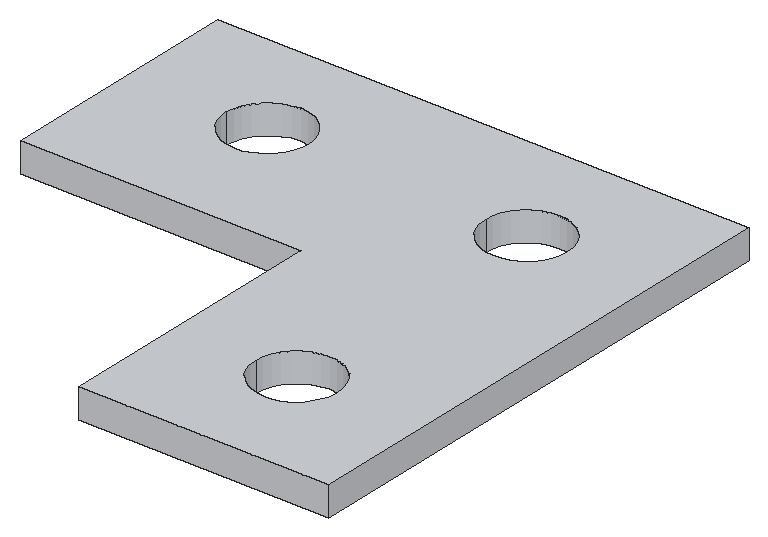
Revit family "MP6", category Generic Models, Revit 2017
Family settings
  Can host rebar = No
  Round Connector Dimension = Use Diameter
  Part Type = Normal
  Work Plane-Based = Yes
  Always vertical = No
  Cut with Voids When Loaded = No
  Shared = No
  Room Calculation Point = No
Parameters (values of type "NBS Standard Parameters")
  Weight = "0.237Kg"
  WarrantyStartDate [instance] = "1900-12-31T23:59:59"
  WarrantyGuarantorParts = "n/a"
  WarrantyGuarantorLabor = "n/a"
  WarrantyDurationUnit = "1 year"
  WarrantyDurationParts = "n/a"
  WarrantyDurationLabor = "n/a"
  WarrantyDescription = "n/a"
  Version = "1"
  Uniclass2 = "Pr_65_70_11_19"
  TagNumber [instance] = "n/a"
  SustainabilityPerformance = "n/a"
  Size = "n/a"
  Shape = "Angle"
  SerialNumber [instance] = "n/a"
  Revision = "n/a"
  ReplacementCost = "n/a"
  ProductInformation = "www.metpro.co.uk/pdf/mp6.pdf"
  NominalWidth = 89 mm
  NominalLength = 89 mm
  NominalHeight = 5 mm
  Name = ""
  NBSTypeID = ""
  NBSReference = "90-55-10/305"
  NBSOfficeMasterTag = ""
  NBSNote = ""
  NBSDescription = "Channel Cable Supports"
  NBSCertification = ""
  ModelReference = "MP6"
  ModelNumber = "n/a"
  Material = "Steel"
  ManufacturerURL = "www.metpro.co.uk"
  ManufacturerName = "Metpro Ltd"
  Keynote = "Compliant to LU Standard 1-085"
  InstallationDate [instance] = "1900-12-31T23:59:59"
  IfcExportType = ""
  IfcExportAs = ""
  Grade = "n/a"
  Finish = "Hot Dipped Galvanised"
  Features = "n/a"
  ExpectedLife = "n/a"
  DurationUnit = "year"
  Description = "MP6 Flat L Bracket"
  Default Elevation = 1219.2 mm
  Constituents = "n/a"
  Color = "n/a"
  CodePerformance = "n/a"
  Category = "n/a"
  BarCode [instance] = "n/a"
  BIMObjectName = "metpro_metprolibrary_channelcablesupports_channelbracket"
  Author = "Metpro Ltd"
  AssetType = ""
  AssetIdentifier [instance] = "n/a"
  AccessibilityPerformance = "n/a"
Reference planes
  plane 1 "Center (Front/Back)": y = 0
  plane 2: z = 0
  plane 3 "Center (Left/Right)": x = 0
Forms (mm)
  Extrusion 1, solid
    sketch origin (-7.613, 19.338, 0) x (1, 0, 0) y (0, 1, 0)
      loop
        line (0, -1) -> (0, -43) -> (47.613, -43) -> (47.613, -90) -> (90, -90) -> (90, -1) -> (0, -1)
      loop
        circle (68.409, -69.809) r 7
      loop
        circle (68.409, -21.059) r 7
      loop
        circle (23.409, -19.809) r 7
    from 0 to 5
Dimensions and locks
  aligned and locked: level to plane 2
